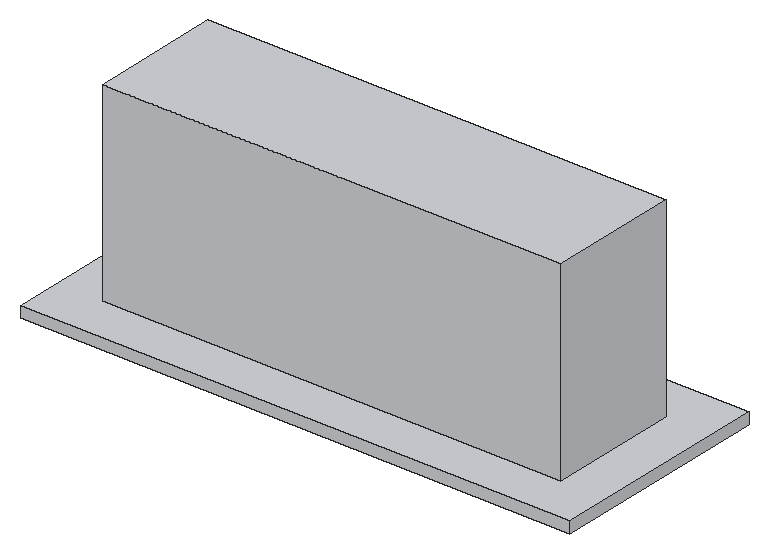
Revit family "M_Grelha de Suprimento - Deflexão Única - Pescoço Retangular de Face Retangular", category Terminais de ar, Revit 2019
Family settings
  Cota do conector redondo = Utilizar diâmetro
  Tipo de parte = Normal
  Com base no plano de trabalho = Não
  Sempre na vertical = Sim
  Corte com vazios quando carregada = Não
  Compartilhado = Não
  Ponto de cálculo do ambiente = Não
Parameters (values of type "Padrão")
  Largura = 75 mm
  Queda de pressão [instance] = 8.0 Pa
  Espessura do painel = 5 mm  # constant formula
  Comprimento 1 = Largura do duto / 6  # 35 mm
  Comprimento = 225 mm
  Material da grelha = none
  Largura do duto = Comprimento - 15 mm  # 210 mm
  Altura do duto = Largura - 15 mm  # 60 mm
  Diâmetro do duto = 250 mm
  Largura da grelha = Largura + 27 mm  # 102 mm
  Comprimento da grelha = Comprimento + 27 mm  # 252 mm
  Altura da grelha = 94 mm
  Fluxo de ar [instance] = 25.0 L/s
Reference planes
  plane 1 "Centro (Frente/Trás)": y = 0
  plane 2: z = 0
  plane 3 "Centro (Esquerda/Direita)": x = 0
  plane 4: z = 89
  plane 5: z = -5
  plane 6: x = -105
  plane 7: x = 105
  plane 8: y = 30
  plane 9: y = -30
  plane 10: z = 152.4
  plane 11: x = 126
  plane 12: x = -126
  plane 13: y = 51
  plane 14: y = -51
  plane 15: x = -35
  plane 16: x = 35
  plane 17: z = 4.862
  plane 18: x = 70
  plane 19: x = -70
Forms (mm)
  Extrusion 1, solid, material <- "Material da grelha"
    sketch origin (105, -4572, 2609.058) x (0, 0, 1) y (0, -1, 0)
      loop
        line (-2520.058, -4602) -> (-2520.058, -4542) -> (-2609.058, -4542) -> (-2609.058, -4602) -> (-2520.058, -4602)
    from -210 to 0
  Extrusion 2, solid, material <- "Material da grelha"
    sketch origin (105, -4572, 2609.058) x (0, 0, 1) y (0, -1, 0)
      loop
        line (-2609.058, -4623) -> (-2609.058, -4521) -> (-2614.058, -4521) -> (-2614.058, -4623) -> (-2609.058, -4623)
    from -231 to 21
Cuts and joins
  joined: Extrusion 1, Extrusion 2
Lines and regions (mm)
  model lines
    curve 1: line (-35, 30, -5) -> (-35, -30, -5)
    curve 2: line (0, 30, -5) -> (0, -30, -5)
    curve 3: line (35, 30, -5) -> (35, -30, -5)
    curve 4: line (-105, 30, -5) -> (105, 30, -5)
    curve 5: line (-105, -30, -5) -> (-105, 30, -5)
    curve 6: line (105, -30, -5) -> (-105, -30, -5)
    curve 7: line (105, 30, -5) -> (105, -30, -5)
    curve 11: line (-70, 30, -5) -> (-70, -30, -5)
    curve 12: line (70, 30, -5) -> (70, -30, -5)
  symbolic lines
    curve 8: line (-35, 30, -5) -> (-35, -30, -5)
    curve 9: line (0, 30, -5) -> (0, -30, -5)
    curve 10: line (35, 30, -5) -> (35, -30, -5)
    curve 13: line (-70, 30, -5) -> (-70, -30, -5)
    curve 14: line (70, 30, -5) -> (70, -30, -5)
Dimensions and locks
  equal spacing: plane 8, plane 1 "Centro (Frente/Trás)", plane 9
  "Altura do duto": plane 8 to plane 9
  equal spacing: plane 6, plane 3 "Centro (Esquerda/Direita)", plane 7
  "Largura do duto": plane 6 to plane 7
  equal spacing: plane 13, plane 1 "Centro (Frente/Trás)", plane 14
  "Largura da grelha": plane 13 to plane 14
  "Espessura do painel": plane 2 to plane 5
  "Altura da grelha": plane 4 to plane 5
  plane 10 to plane 2 = 152.4 mm
  equal spacing: plane 12, plane 3 "Centro (Esquerda/Direita)", plane 11
  "Comprimento da grelha": plane 12 to plane 11
  "Comprimento 1": plane 15 to plane 3 "Centro (Esquerda/Direita)"
  "Comprimento 1": plane 3 "Centro (Esquerda/Direita)" to plane 16
  "Comprimento 1": plane 16 to plane 18
  "Comprimento 1": plane 19 to plane 15
  aligned and locked: plane 2 to level
  aligned and locked: Extrusion 1 to plane 6
  aligned and locked: plane 7 to Extrusion 1
  aligned and locked: plane 8 to Extrusion 1 sketch curve
  aligned and locked: Extrusion 1 sketch curve to plane 4
  aligned and locked: Extrusion 1 sketch curve to plane 9
  aligned and locked: Extrusion 1 sketch curve to plane 2
  aligned and locked: Extrusion 2 sketch curve to plane 2
  aligned and locked: Extrusion 2 sketch curve to plane 13
  aligned and locked: Extrusion 2 sketch curve to plane 14
  aligned and locked: plane 5 to Extrusion 2 sketch curve
  aligned and locked: Extrusion 2 to plane 12
  aligned and locked: plane 11 to Extrusion 2
  aligned and locked: curve 1 to plane 15
  aligned and locked: curve 2 to plane 3 "Centro (Esquerda/Direita)"
  aligned and locked: plane 16 to curve 3
  aligned and locked: curve 4 to plane 8
  aligned and locked: curve 7 to plane 7
  aligned and locked: curve 6 to plane 9
  aligned and locked: plane 6 to curve 5
  aligned and locked: curve 8 to plane 15
  aligned and locked: curve 9 to plane 3 "Centro (Esquerda/Direita)"
  aligned and locked: plane 16 to curve 10
  aligned and locked: curve 11 to plane 19
  aligned and locked: plane 18 to curve 12
  aligned and locked: plane 8 to curve 13
  aligned and locked: plane 9 to curve 13
  aligned and locked: plane 18 to curve 14
  aligned and locked: curve 13 to plane 19
Connectors
  hvac at (0, 0, 89), driven by "Queda de pressão", driven by "Fluxo de ar", driven by "Altura do duto", driven by "Largura do duto"
    settings: on cut or joined group of Extrusion 1, Extrusion 2, index 1, duct flow 25.0 L/s, flow factor 0, pres drop 8.0 Pa, loss coef 0, conn angle 0.00°, conn width 210 mm, conn height 60 mm, conn diameter 609.6 mm, duct sys type 1, conn prof type 1, flow config 1, flow direction 1, loss method 4, conn ref index -1, conn util no, is conn primary yes, conn desc "In"
Types in the file's own list only (23): name | Largura | Comprimento 1 | Comprimento | Largura do duto | Altura do duto | Largura da grelha | Comprimento da grelha | Altura da grelha
  210x60 | 75 mm | 35 mm | 225 mm | 210 mm | 60 mm | 102 mm | 252 mm | 95 mm
  310x60 | 75 mm | 52 mm | 325 mm | 310 mm | 60 mm | 102 mm | 352 mm | 107 mm
  410x60 | 75 mm | 68 mm | 425 mm | 410 mm | 60 mm | 102 mm | 452 mm | 119 mm
  510x60 | 75 mm | 85 mm | 525 mm | 510 mm | 60 mm | 102 mm | 552 mm | 131 mm
  610x60 | 75 mm | 102 mm | 625 mm | 610 mm | 60 mm | 102 mm | 652 mm | 143 mm
  810x60 | 75 mm | 135 mm | 825 mm | 810 mm | 60 mm | 102 mm | 852 mm | 162 mm
  1010x60 | 75 mm | 168 mm | 1025 mm | 1010 mm | 60 mm | 102 mm | 1052 mm | 191 mm
  1210x60 | 75 mm | 202 mm | 1225 mm | 1210 mm | 60 mm | 102 mm | 1252 mm | 215 mm
  210x110 | 125 mm | 35 mm | 225 mm | 210 mm | 110 mm | 152 mm | 252 mm | 99 mm
  310x110 | 125 mm | 52 mm | 325 mm | 310 mm | 110 mm | 152 mm | 352 mm | 111 mm
  410x110 | 125 mm | 68 mm | 425 mm | 410 mm | 110 mm | 152 mm | 452 mm | 123 mm
  510x110 | 125 mm | 85 mm | 525 mm | 510 mm | 110 mm | 152 mm | 552 mm | 135 mm
  610x110 | 125 mm | 102 mm | 625 mm | 610 mm | 110 mm | 152 mm | 652 mm | 147 mm
  810x110 | 125 mm | 135 mm | 825 mm | 810 mm | 110 mm | 152 mm | 852 mm | 171 mm
  1010x110 | 125 mm | 168 mm | 1025 mm | 1010 mm | 110 mm | 152 mm | 1052 mm | 195 mm
  1210x110 | 125 mm | 202 mm | 1225 mm | 1210 mm | 110 mm | 152 mm | 1252 mm | 211 mm
  310x210 | 225 mm | 52 mm | 325 mm | 310 mm | 210 mm | 252 mm | 352 mm | 123 mm
  410x210 | 225 mm | 68 mm | 425 mm | 410 mm | 210 mm | 252 mm | 452 mm | 136 mm
  510x210 | 225 mm | 85 mm | 525 mm | 510 mm | 210 mm | 252 mm | 552 mm | 147 mm
  610x210 | 225 mm | 102 mm | 625 mm | 610 mm | 210 mm | 252 mm | 652 mm | 159 mm
  810x210 | 225 mm | 135 mm | 825 mm | 810 mm | 210 mm | 252 mm | 852 mm | 183 mm
  1010x210 | 225 mm | 168 mm | 1025 mm | 1010 mm | 210 mm | 252 mm | 1052 mm | 207 mm
  1210x210 | 225 mm | 202 mm | 1225 mm | 1210 mm | 210 mm | 252 mm | 1252 mm | 231 mm
